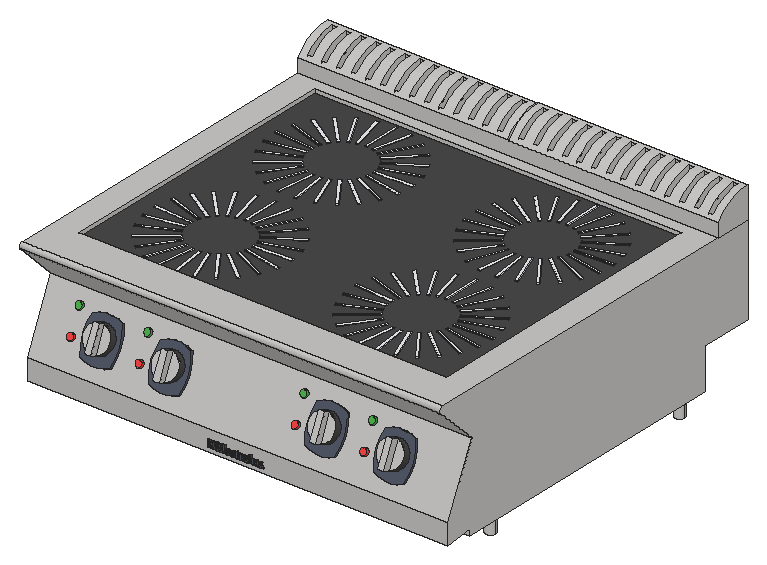
Revit family "QF_ELECTROLUXPROFESSIONAL_371025_E7IREH4000", category Specialty Equipment, Revit 2018
Family settings
  Round Connector Dimension = Use Diameter
  Part Type = Normal
  Work Plane-Based = No
  Always vertical = Yes
  Cut with Voids When Loaded = No
  Shared = No
  Room Calculation Point = No
Parameters
  Width = 800 mm  # constant formula
  Weight in Pounds = 77  # constant formula
  Watts = 8800 VA  # 8800 W
  Volts = 400 V  # constant formula
  URL Cutsheet = "www.electrolux.com/foodservice"
  URL = "www.electrolux.com/foodservice"
  Type Mark [instance] = ""
  Status [instance] = ""
  Specification by User [instance] = ""
  Specification by Manufacturer = ""
  Show Logo [instance] = yes
  Show Clearance [instance] = yes
  Serial Number = ""
  Seismic Rating = ""
  SMACNA No = ""
  Revision Code [instance] = ""
  Phase = 3  # constant formula
  Omniclass Number and Title = ""
  Number of Poles [instance] = 1
  NAFEM Spec ID Number = ""
  Model = "371025"
  Min Ckt Ampacity = 0 A
  Max Overcurrent Protection = 0 A
  Masterspec = ""
  Manufacturer = "ELECTROLUX"
  Item Number [instance] = ""
  Installed By [instance] = ""
  Identify Quantity as Lot [instance] = yes
  Height = 332 mm  # constant formula
  HP = "11.8 HP"
  Furnished By [instance] = ""
  Foodservice Equipment Identifier [instance] = yes
  FL Amps = if(Phase = 3, Watts / (Volts * 1.73), Watts / Volts)  # 12.7168 A
  Electrical Remarks [instance] = "400 V/3N ph/50/60 Hz"  # constant formula
  Electric Connection Type [instance] = ""
  Elec Conn RI Height [instance] = 0 mm
  Elec Conn Connection Height [instance] = 0 mm
  Direct Waste Size = 0"
  Description = "700XP 4 Zone Electric Infrared Cooking Top Range - 400V"
  Depth = 730 mm  # constant formula
  Cycle = if([60 Hertz Option], 60 Hz, 50 Hz)  # 60 Hz
  Conn Plug = ""
  Conn Conduit = yes
  CSI MasterFormat = ""
  CSI Master Format = ""
  Base Height [instance] = 24 mm  # constant formula
  Apparent Power = if(Phase = 3, Volts * FL Amps * 1.73, Volts * FL Amps)  # 8800 VA
  60 Hertz Option = not([50 Hertz Option])  # yes
  50 Hertz Option = no
Reference planes
  plane 1 "BACK": y = 0
  plane 2: z = 0
  plane 3 "LEFT": x = 0
  plane 4 "RIGHT": x = 800
  plane 5 "FRONT": y = -730
  plane 6 "TOP": z = 332
  plane 7 "Center Y": x = 400
  plane 8 "Center X": y = -365
  plane 9 "BASE": z = 24
  plane 10 "TOP A": z = 273.238
  plane 11: y = -597.884
  plane 12: y = -147.637
Forms (mm)
  Extrusion 1, solid, material "QF_Finishes_Stainless Steel"
    sketch origin (0, 0, 0) x (0, 1, 0) y (0, 0, 1)
      loop
        line (0, 273.237) -> (-725.027, 273.237)
        arc (-725.027, 273.237) -> (-730.893, 269.318) -> (-729.517, 262.397) r 6.35
        line (-729.517, 262.397) -> (-657.416, 190.047) -> (-713.522, 69.19) -> (-713.522, 31.09) -> (-660.4, 36.7) -> (-660.4, 24) -> (-101.6, 24) -> (-101.6, 101.788) -> (0, 101.788) -> (0, 273.237)
    from 0 to 800
  Extrusion 2, void
    sketch origin (0, 0, 273.238) x (-1, 0, 0) y (0, -1, 0)
      loop
        line (-50, 93.262) -> (-50, 653.262) -> (-750, 653.262) -> (-750, 93.262) -> (-50, 93.262)
    from 0 to -6.35
  Extrusion 3, solid, material "QF_Finishes_Stainless Steel"
    sketch origin (0, 0, 0) x (1, 0, 0) y (0, 1, 0)
      loop
        circle (11.112, -147.638) r 9.525
      loop
        circle (11.112, -597.884) r 9.525
      loop
        circle (788.887, -147.638) r 9.525
      loop
        circle (788.887, -597.884) r 9.525
    from 0 to 24
  Extrusion 4, solid, material "QF_Finishes_Navy Blue"
    sketch origin (-40.325, -713.522, 69.19) x (0, 0.421077, 0.907025) y (-1, 0, 0)
      loop
        arc (101.077, -132.565) -> (66.2, -125.548) -> (31.333, -132.61) r 89.894
        arc (31.333, -132.61) -> (24.638, -161.14) -> (31.333, -189.671) r 64.14
        arc (31.333, -189.671) -> (66.2, -196.736) -> (101.077, -189.715) r 89.853
        arc (101.077, -189.715) -> (107.792, -161.14) -> (101.077, -132.565) r 64.16
    from 0 to 3.175
  Extrusion 5, solid, material "QF_Finishes_Stainless Steel"
    sketch origin (-40.325, -716.402, 70.527) x (0, 0.421077, 0.907025) y (-1, 0, 0)
      loop
        circle (68.826, -160.963) r 25.4
    from 0 to 12.7
  Extrusion 6, solid, material "QF_Finishes_Stainless Steel"
    sketch origin (-40.325, -727.921, 75.875) x (0, 0.421077, 0.907025) y (-1, 0, 0)
      loop
        arc (93.558, -166.749) -> (94.226, -160.963) -> (93.558, -155.177) r 25.4
        line (93.558, -155.177) -> (44.094, -155.177)
        arc (44.094, -155.177) -> (43.426, -160.963) -> (44.094, -166.749) r 25.4
        line (44.094, -166.749) -> (93.558, -166.749)
    from 0 to 12.7
  Extrusion 7, solid, material "QF_Finishes_Green"
    sketch origin (-95, -709.311, 78.261) x (0, 0.421077, 0.907025) y (-1, 0, 0)
      loop
        circle (93.566, -160.648) r 6.35
    from 0 to 3.175
  Extrusion 8, solid, material "QF_Finishes_Red"
    sketch origin (-95, -719.312, 56.719) x (0, 0.421077, 0.907025) y (-1, 0, 0)
      loop
        circle (68.272, -160.648) r 6.4
    from 0 to 3.175
  Extrusion 9, solid, material "QF_Finishes_Stainless Steel"
    sketch origin (0, -101.6, 101.788) x (0, 0, -1) y (-1, 0, 0)
      loop
        circle (43.882, -736.5) r 12.7
    from 0 to 12.7
  Extrusion 10, solid, material "QF_Finishes_Clearance", visible <- "Show Clearance", detail levels coarse
    sketch origin (0, 0, 0) x (1, 0, 0) y (0, 1, 0)
      loop
        line (0, -731.377) -> (0, 0) -> (800, 0) -> (800, -731.377) -> (950.019, -731.377) -> (950.019, 150.019) -> (-150.019, 150.019) -> (-150.019, -731.377) -> (0, -731.377)
    from 0 to 332
  Extrusion 11, solid, material "QF_Finishes_Stainless Steel"
    sketch origin (0, 0, -1.4) x (0, 1, 0) y (0, 0, 1)
      loop
        line (0, 274.638) -> (0, 333.375)
        arc (0, 333.375) -> (-38.879, 324.991) -> (-69.85, 300.038) r 86.156
        line (-69.85, 300.038) -> (-69.85, 274.638) -> (0, 274.638)
    from 0 to 800.1
  Extrusion 12, void
    sketch origin (0, 0, 273.238) x (-1, 0, 0) y (0, -1, 0)
      loop
        line (-13.453, 6.761) -> (-13.453, 63.911) -> (-22.749, 63.911) -> (-22.749, 6.761) -> (-13.453, 6.761)
    from 25.4 to 63.5
  Extrusion 13, void
    sketch origin (361.95, 0, 273.238) x (-1, 0, 0) y (0, -1, 0)
      loop
        line (-13.453, 6.761) -> (-13.453, 63.911) -> (-22.749, 63.911) -> (-22.749, 6.761) -> (-13.453, 6.761)
    from 25.4 to 63.5
  Extrusion 14, void
    sketch origin (27.842, 0, 273.238) x (-1, 0, 0) y (0, -1, 0)
      loop
        line (-13.453, 6.761) -> (-13.453, 63.911) -> (-22.749, 63.911) -> (-22.749, 6.761) -> (-13.453, 6.761)
    from 25.4 to 63.5
  Extrusion 15, void
    sketch origin (55.685, 0, 273.238) x (-1, 0, 0) y (0, -1, 0)
      loop
        line (-13.453, 6.761) -> (-13.453, 63.911) -> (-22.749, 63.911) -> (-22.749, 6.761) -> (-13.453, 6.761)
    from 25.4 to 63.5
  Extrusion 16, void
    sketch origin (83.527, 0, 273.238) x (-1, 0, 0) y (0, -1, 0)
      loop
        line (-13.453, 6.761) -> (-13.453, 63.911) -> (-22.749, 63.911) -> (-22.749, 6.761) -> (-13.453, 6.761)
    from 25.4 to 63.5
  Extrusion 17, void
    sketch origin (111.369, 0, 273.238) x (-1, 0, 0) y (0, -1, 0)
      loop
        line (-13.453, 6.761) -> (-13.453, 63.911) -> (-22.749, 63.911) -> (-22.749, 6.761) -> (-13.453, 6.761)
    from 25.4 to 63.5
  Extrusion 18, void
    sketch origin (139.212, 0, 273.238) x (-1, 0, 0) y (0, -1, 0)
      loop
        line (-13.453, 6.761) -> (-13.453, 63.911) -> (-22.749, 63.911) -> (-22.749, 6.761) -> (-13.453, 6.761)
    from 25.4 to 63.5
  Extrusion 19, void
    sketch origin (167.054, 0, 273.238) x (-1, 0, 0) y (0, -1, 0)
      loop
        line (-13.453, 6.761) -> (-13.453, 63.911) -> (-22.749, 63.911) -> (-22.749, 6.761) -> (-13.453, 6.761)
    from 25.4 to 63.5
  Extrusion 20, void
    sketch origin (194.896, 0, 273.238) x (-1, 0, 0) y (0, -1, 0)
      loop
        line (-13.453, 6.761) -> (-13.453, 63.911) -> (-22.749, 63.911) -> (-22.749, 6.761) -> (-13.453, 6.761)
    from 25.4 to 63.5
  Extrusion 21, void
    sketch origin (222.738, 0, 273.238) x (-1, 0, 0) y (0, -1, 0)
      loop
        line (-13.453, 6.761) -> (-13.453, 63.911) -> (-22.749, 63.911) -> (-22.749, 6.761) -> (-13.453, 6.761)
    from 25.4 to 63.5
  Extrusion 22, void
    sketch origin (250.581, 0, 273.238) x (-1, 0, 0) y (0, -1, 0)
      loop
        line (-13.453, 6.761) -> (-13.453, 63.911) -> (-22.749, 63.911) -> (-22.749, 6.761) -> (-13.453, 6.761)
    from 25.4 to 63.5
  Extrusion 23, void
    sketch origin (278.423, 0, 273.238) x (-1, 0, 0) y (0, -1, 0)
      loop
        line (-13.453, 6.761) -> (-13.453, 63.911) -> (-22.749, 63.911) -> (-22.749, 6.761) -> (-13.453, 6.761)
    from 25.4 to 63.5
  Extrusion 24, void
    sketch origin (306.265, 0, 273.238) x (-1, 0, 0) y (0, -1, 0)
      loop
        line (-13.453, 6.761) -> (-13.453, 63.911) -> (-22.749, 63.911) -> (-22.749, 6.761) -> (-13.453, 6.761)
    from 25.4 to 63.5
  Extrusion 25, void
    sketch origin (334.108, 0, 273.238) x (-1, 0, 0) y (0, -1, 0)
      loop
        line (-13.453, 6.761) -> (-13.453, 63.911) -> (-22.749, 63.911) -> (-22.749, 6.761) -> (-13.453, 6.761)
    from 25.4 to 63.5
  Extrusion 26, void
    sketch origin (800.1, 0, 273.238) x (1, 0, 0) y (0, 1, 0)
      loop
        line (-13.453, -6.761) -> (-22.749, -6.761) -> (-22.749, -63.911) -> (-13.453, -63.911) -> (-13.453, -6.761)
    from 25.4 to 63.5
  Extrusion 27, void
    sketch origin (438.15, 0, 273.238) x (1, 0, 0) y (0, 1, 0)
      loop
        line (-13.453, -6.761) -> (-22.749, -6.761) -> (-22.749, -63.911) -> (-13.453, -63.911) -> (-13.453, -6.761)
    from 25.4 to 63.5
  Extrusion 28, void
    sketch origin (772.258, 0, 273.238) x (1, 0, 0) y (0, 1, 0)
      loop
        line (-13.453, -6.761) -> (-22.749, -6.761) -> (-22.749, -63.911) -> (-13.453, -63.911) -> (-13.453, -6.761)
    from 25.4 to 63.5
  Extrusion 29, void
    sketch origin (744.415, 0, 273.238) x (1, 0, 0) y (0, 1, 0)
      loop
        line (-13.453, -6.761) -> (-22.749, -6.761) -> (-22.749, -63.911) -> (-13.453, -63.911) -> (-13.453, -6.761)
    from 25.4 to 63.5
  Extrusion 30, void
    sketch origin (716.573, 0, 273.238) x (1, 0, 0) y (0, 1, 0)
      loop
        line (-13.453, -6.761) -> (-22.749, -6.761) -> (-22.749, -63.911) -> (-13.453, -63.911) -> (-13.453, -6.761)
    from 25.4 to 63.5
  Extrusion 31, void
    sketch origin (688.731, 0, 273.238) x (1, 0, 0) y (0, 1, 0)
      loop
        line (-13.453, -6.761) -> (-22.749, -6.761) -> (-22.749, -63.911) -> (-13.453, -63.911) -> (-13.453, -6.761)
    from 25.4 to 63.5
  Extrusion 32, void
    sketch origin (660.888, 0, 273.238) x (1, 0, 0) y (0, 1, 0)
      loop
        line (-13.453, -6.761) -> (-22.749, -6.761) -> (-22.749, -63.911) -> (-13.453, -63.911) -> (-13.453, -6.761)
    from 25.4 to 63.5
  Extrusion 33, void
    sketch origin (633.046, 0, 273.238) x (1, 0, 0) y (0, 1, 0)
      loop
        line (-13.453, -6.761) -> (-22.749, -6.761) -> (-22.749, -63.911) -> (-13.453, -63.911) -> (-13.453, -6.761)
    from 25.4 to 63.5
  Extrusion 34, void
    sketch origin (605.204, 0, 273.238) x (1, 0, 0) y (0, 1, 0)
      loop
        line (-13.453, -6.761) -> (-22.749, -6.761) -> (-22.749, -63.911) -> (-13.453, -63.911) -> (-13.453, -6.761)
    from 25.4 to 63.5
  Extrusion 35, void
    sketch origin (577.362, 0, 273.238) x (1, 0, 0) y (0, 1, 0)
      loop
        line (-13.453, -6.761) -> (-22.749, -6.761) -> (-22.749, -63.911) -> (-13.453, -63.911) -> (-13.453, -6.761)
    from 25.4 to 63.5
  Extrusion 36, void
    sketch origin (549.519, 0, 273.238) x (1, 0, 0) y (0, 1, 0)
      loop
        line (-13.453, -6.761) -> (-22.749, -6.761) -> (-22.749, -63.911) -> (-13.453, -63.911) -> (-13.453, -6.761)
    from 25.4 to 63.5
  Extrusion 37, void
    sketch origin (521.677, 0, 273.238) x (1, 0, 0) y (0, 1, 0)
      loop
        line (-13.453, -6.761) -> (-22.749, -6.761) -> (-22.749, -63.911) -> (-13.453, -63.911) -> (-13.453, -6.761)
    from 25.4 to 63.5
  Extrusion 38, void
    sketch origin (493.835, 0, 273.238) x (1, 0, 0) y (0, 1, 0)
      loop
        line (-13.453, -6.761) -> (-22.749, -6.761) -> (-22.749, -63.911) -> (-13.453, -63.911) -> (-13.453, -6.761)
    from 25.4 to 63.5
  Extrusion 39, void
    sketch origin (465.992, 0, 273.238) x (1, 0, 0) y (0, 1, 0)
      loop
        line (-13.453, -6.761) -> (-22.749, -6.761) -> (-22.749, -63.911) -> (-13.453, -63.911) -> (-13.453, -6.761)
    from 25.4 to 63.5
  Extrusion 40, void
    sketch origin (418.151, 0, 273.238) x (1, 0, 0) y (0, 1, 0)
      loop
        line (-16.513, 0) -> (-19.688, 0) -> (-19.688, -69.85) -> (-16.513, -69.85) -> (-16.513, 0)
    from 25.4 to 63.5
  Extrusion 41, solid, material "QF_Finishes_Navy Blue", visible <- "Show Logo"
    sketch origin (57.747, -713.772, 32.49) x (0, 0, 1) y (-1, 0, 0)
      loop
        line (20.674, -296.698) -> (8.307, -296.698)
        arc (8.307, -296.698) -> (14.491, -301.27) -> (20.674, -296.698) r 6.467
      loop
        arc (20.674, -296.069) -> (19.505, -290.926) -> (14.849, -288.448) r 6.338
        line (14.849, -288.448) -> (14.849, -290.494)
        arc (14.849, -290.494) -> (16.333, -294.149) -> (19.778, -296.069) r 5.941
        line (19.778, -296.069) -> (20.674, -296.069)
      loop
        arc (9.203, -296.069) -> (12.648, -294.149) -> (14.132, -290.494) r 5.941
        line (14.132, -290.494) -> (14.132, -288.448)
        arc (14.132, -288.448) -> (9.438, -290.922) -> (8.148, -296.069) r 6.504
        line (8.148, -296.069) -> (9.203, -296.069)
      loop
        line (21.349, -287.979) -> (7.604, -287.979) -> (7.604, -301.742) -> (21.349, -301.742) -> (21.349, -287.979)
      loop
        arc (21.432, -304.71) -> (21.085, -304.352) -> (20.718, -304.69) r 0.358
        arc (20.718, -304.69) -> (20.404, -305.44) -> (19.687, -305.825) r 1.216
        line (19.687, -305.825) -> (9.274, -305.825)
        arc (9.274, -305.825) -> (8.614, -305.548) -> (8.218, -304.951) r 1.238
        arc (8.218, -304.951) -> (7.823, -304.7) -> (7.518, -305.054) r 0.358
        line (7.518, -305.054) -> (7.518, -314.933) -> (10.269, -314.933) -> (10.269, -314.036)
        arc (10.269, -314.036) -> (9.36, -313.456) -> (8.904, -312.479) r 1.928
        line (8.904, -312.479) -> (8.904, -309.98)
        arc (8.904, -309.98) -> (9.18, -309.251) -> (9.868, -308.887) r 1.101
        line (9.868, -308.887) -> (13.955, -308.887) -> (13.955, -312.561)
        arc (13.955, -312.561) -> (13.602, -313.058) -> (13.037, -313.286) r 1.083
        arc (13.037, -313.286) -> (12.773, -313.591) -> (13.065, -313.869) r 0.292
        line (13.065, -313.869) -> (16.028, -313.869)
        arc (16.028, -313.869) -> (16.33, -313.596) -> (16.092, -313.266) r 0.305
        arc (16.092, -313.266) -> (15.601, -313.018) -> (15.296, -312.561) r 1.083
        line (15.296, -312.561) -> (15.296, -308.887) -> (19.973, -308.887) -> (19.973, -312.635)
        arc (19.973, -312.635) -> (19.759, -313.39) -> (19.153, -313.888) r 1.314
        arc (19.153, -313.888) -> (18.934, -314.292) -> (19.288, -314.585) r 0.361
        line (19.288, -314.585) -> (21.432, -314.585) -> (21.432, -304.71)
      loop
        arc (20.715, -315.365) -> (20.335, -316.284) -> (19.416, -316.664) r 1.299
        line (19.416, -316.664) -> (9.837, -316.664)
        arc (9.837, -316.664) -> (8.999, -316.286) -> (8.728, -315.408) r 1.118
        line (8.728, -315.408) -> (7.518, -315.408) -> (7.518, -320.758) -> (8.706, -320.758)
        arc (8.706, -320.758) -> (8.978, -319.841) -> (9.848, -319.445) r 1.153
        line (9.848, -319.445) -> (21.92, -319.445) -> (20.715, -315.365)
      loop
        line (12.483, -323.394) -> (12.483, -329.842) -> (13.282, -329.842)
        arc (13.282, -329.842) -> (15.862, -328.857) -> (17.131, -326.404) r 3.874
        line (17.131, -326.404) -> (17.131, -324.643)
        arc (17.131, -324.643) -> (15.944, -321.778) -> (13.08, -320.592) r 4.051
        line (13.08, -320.592) -> (11.072, -320.592)
        arc (11.072, -320.592) -> (8.253, -322.077) -> (7.202, -325.084) r 4.352
        arc (7.202, -325.084) -> (7.566, -327.547) -> (8.943, -329.621) r 5.713
        line (8.943, -329.621) -> (9.892, -329.621)
        arc (9.892, -329.621) -> (9.16, -328.052) -> (8.943, -326.334) r 5.579
        arc (8.943, -326.334) -> (9.737, -324.371) -> (11.616, -323.394) r 3.057
        line (11.616, -323.394) -> (12.483, -323.394)
      loop
        line (13.742, -323.394) -> (13.742, -326.977)
        arc (13.742, -326.977) -> (15.199, -327.024) -> (16.082, -325.864) r 1.59
        line (16.082, -325.864) -> (16.082, -325.034)
        arc (16.082, -325.034) -> (15.217, -323.779) -> (13.742, -323.394) r 2.184
      loop
        arc (16.533, -339.259) -> (17.022, -337.585) -> (17.179, -335.848) r 9.023
        line (17.179, -335.848) -> (17.179, -334.486)
        arc (17.179, -334.486) -> (16.02, -331.686) -> (13.22, -330.527) r 3.959
        line (13.22, -330.527) -> (10.62, -330.527)
        arc (10.62, -330.527) -> (8.338, -331.819) -> (7.221, -334.192) r 4.331
        line (7.221, -334.192) -> (7.221, -336.327)
        arc (7.221, -336.327) -> (7.729, -337.877) -> (8.651, -339.223) r 5.772
        arc (8.651, -339.223) -> (9.412, -339.274) -> (9.499, -338.515) r 0.553
        arc (9.499, -338.515) -> (9.111, -337.781) -> (8.977, -336.962) r 2.573
        line (8.977, -336.962) -> (8.977, -335.447)
        arc (8.977, -335.447) -> (9.983, -333.806) -> (11.798, -333.163) r 2.884
        line (11.798, -333.163) -> (13.077, -333.163)
        arc (13.077, -333.163) -> (14.898, -333.723) -> (15.824, -335.388) r 2.554
        line (15.824, -335.388) -> (15.824, -336.441)
        arc (15.824, -336.441) -> (15.493, -337.369) -> (14.836, -338.104) r 2.564
        arc (14.836, -338.104) -> (14.614, -338.821) -> (15.223, -339.259) r 0.643
        line (15.223, -339.259) -> (16.533, -339.259)
      loop
        line (15.515, -339.53) -> (15.515, -341.031) -> (9.467, -341.031)
        arc (9.467, -341.031) -> (7.879, -341.688) -> (7.221, -343.276) r 2.246
        line (7.221, -343.276) -> (7.221, -344.86)
        arc (7.221, -344.86) -> (7.535, -345.725) -> (8.035, -346.496) r 4.06
        arc (8.035, -346.496) -> (8.768, -346.629) -> (9.019, -345.928) r 0.576
        arc (9.019, -345.928) -> (8.913, -345.403) -> (8.977, -344.87) r 1.69
        arc (8.977, -344.87) -> (9.519, -344.082) -> (10.425, -343.779) r 1.506
        line (10.425, -343.779) -> (15.563, -343.779) -> (15.563, -346.176) -> (16.119, -346.733) -> (16.941, -346.733) -> (16.941, -343.873) -> (20.172, -343.873) -> (15.515, -339.53)
      loop
        line (7.438, -347.63) -> (7.438, -353.017) -> (8.548, -353.017)
        arc (8.548, -353.017) -> (8.942, -352.066) -> (9.893, -351.672) r 1.345
        line (9.893, -351.672) -> (13.509, -351.672)
        arc (13.509, -351.672) -> (14.274, -352.264) -> (14.564, -353.186) r 1.615
        line (14.564, -353.186) -> (14.564, -354.742) -> (17.119, -355.427) -> (17.119, -354.044) -> (15.177, -351.485) -> (17.057, -351.485) -> (16.773, -348.779)
        arc (16.773, -348.779) -> (16.333, -348.249) -> (15.674, -348.45) r 0.621
        arc (15.674, -348.45) -> (15.274, -348.792) -> (14.78, -348.975) r 1.501
        line (14.78, -348.975) -> (9.893, -348.975)
        arc (9.893, -348.975) -> (8.942, -348.581) -> (8.548, -347.63) r 1.345
        line (8.548, -347.63) -> (7.438, -347.63)
      loop
        line (13.54, -354.964) -> (10.848, -354.964)
        arc (10.848, -354.964) -> (8.403, -356.272) -> (7.269, -358.803) r 4.288
        arc (7.269, -358.803) -> (7.205, -360.183) -> (7.269, -361.563) r 15.022
        arc (7.269, -361.563) -> (8.403, -364.094) -> (10.848, -365.401) r 4.288
        line (10.848, -365.401) -> (13.54, -365.401)
        arc (13.54, -365.401) -> (15.986, -364.094) -> (17.119, -361.563) r 4.288
        arc (17.119, -361.563) -> (17.183, -360.183) -> (17.119, -358.803) r 15.022
        arc (17.119, -358.803) -> (15.986, -356.272) -> (13.54, -354.964) r 4.288
      loop
        line (13.745, -358.078) -> (10.643, -358.078)
        arc (10.643, -358.078) -> (8.486, -360.235) -> (10.643, -362.392) r 2.157
        line (10.643, -362.392) -> (13.745, -362.392)
        arc (13.745, -362.392) -> (15.902, -360.235) -> (13.745, -358.078) r 2.157
      loop
        arc (20.726, -365.26) -> (20.355, -366.154) -> (19.461, -366.524) r 1.264
        line (19.461, -366.524) -> (9.597, -366.524)
        arc (9.597, -366.524) -> (8.727, -366.127) -> (8.455, -365.211) r 1.153
        line (8.455, -365.211) -> (7.518, -365.211) -> (7.518, -370.319) -> (8.446, -370.319)
        arc (8.446, -370.319) -> (8.805, -369.547) -> (9.597, -369.232) r 1.153
        line (9.597, -369.232) -> (21.92, -369.232) -> (20.726, -365.26)
      loop
        arc (15.846, -369.857) -> (15.647, -370.921) -> (14.678, -371.403) r 1.215
        line (14.678, -371.403) -> (9.658, -371.403)
        arc (9.658, -371.403) -> (8.043, -372.051) -> (7.322, -373.634) r 2.338
        line (7.322, -373.634) -> (7.322, -375.148)
        arc (7.322, -375.148) -> (7.497, -376.152) -> (7.999, -377.038) r 2.979
        line (7.999, -377.038) -> (7.518, -378.835) -> (7.518, -380.524) -> (16.943, -380.524) -> (16.649, -376.32) -> (15.863, -376.32)
        arc (15.863, -376.32) -> (15.507, -377.156) -> (14.755, -377.665) r 1.605
        line (14.755, -377.665) -> (9.652, -377.665)
        arc (9.652, -377.665) -> (9.232, -376.728) -> (9.159, -375.704) r 2.94
        arc (9.159, -375.704) -> (9.72, -374.603) -> (10.873, -374.16) r 1.724
        line (10.873, -374.16) -> (17.07, -374.16) -> (15.846, -369.857)
      loop
        line (16.874, -381.377) -> (15.202, -383.423) -> (12.028, -385.729) -> (8.572, -382.617)
        arc (8.572, -382.617) -> (8.335, -382.223) -> (8.357, -381.764) r 0.789
        line (8.357, -381.764) -> (7.518, -381.764) -> (7.518, -385.309) -> (8.344, -385.309)
        arc (8.344, -385.309) -> (8.686, -384.947) -> (9.176, -385.039) r 0.52
        line (9.176, -385.039) -> (10.976, -386.51) -> (8.858, -387.886)
        arc (8.858, -387.886) -> (8.457, -387.576) -> (8.37, -387.076) r 0.7
        line (8.37, -387.076) -> (7.518, -387.076) -> (7.518, -393.003) -> (8.405, -393.003)
        arc (8.405, -393.003) -> (8.472, -392.344) -> (8.866, -391.813) r 1.247
        line (8.866, -391.813) -> (13.066, -388.532) -> (15.513, -390.585) -> (16.874, -392.327) -> (16.874, -388.604) -> (15.389, -389.026) -> (13.868, -387.749) -> (15.568, -386.559) -> (16.874, -387.336) -> (16.874, -381.377)
    from 0 to 1.644
  Extrusion 42, solid, material "QF_Finishes_Navy Blue"
    sketch origin (90.31, -713.522, 69.19) x (0, 0.421077, 0.907025) y (-1, 0, 0)
      loop
        arc (101.077, -132.565) -> (66.2, -125.548) -> (31.333, -132.61) r 89.894
        arc (31.333, -132.61) -> (24.638, -161.14) -> (31.333, -189.671) r 64.14
        arc (31.333, -189.671) -> (66.2, -196.736) -> (101.077, -189.715) r 89.853
        arc (101.077, -189.715) -> (107.792, -161.14) -> (101.077, -132.565) r 64.16
    from 0 to 3.175
  Extrusion 43, solid, material "QF_Finishes_Stainless Steel"
    sketch origin (90.31, -716.402, 70.527) x (0, 0.421077, 0.907025) y (-1, 0, 0)
      loop
        circle (68.826, -160.963) r 25.4
    from 0 to 12.7
  Extrusion 44, solid, material "QF_Finishes_Stainless Steel"
    sketch origin (90.31, -727.921, 75.875) x (0, 0.421077, 0.907025) y (-1, 0, 0)
      loop
        arc (93.558, -166.749) -> (94.226, -160.963) -> (93.558, -155.177) r 25.4
        line (93.558, -155.177) -> (44.094, -155.177)
        arc (44.094, -155.177) -> (43.426, -160.963) -> (44.094, -166.749) r 25.4
        line (44.094, -166.749) -> (93.558, -166.749)
    from 0 to 12.7
  Extrusion 45, solid, material "QF_Finishes_Green"
    sketch origin (35.635, -709.311, 78.261) x (0, 0.421077, 0.907025) y (-1, 0, 0)
      loop
        circle (93.566, -160.648) r 6.35
    from 0 to 3.175
  Extrusion 46, solid, material "QF_Finishes_Red"
    sketch origin (35.635, -719.312, 56.719) x (0, 0.421077, 0.907025) y (-1, 0, 0)
      loop
        circle (68.272, -160.648) r 6.4
    from 0 to 3.175
  Extrusion 47, solid, material "QF_Finishes_Navy Blue"
    sketch origin (840.325, -713.522, 69.19) x (0, 0.421077, 0.907025) y (-1, 0, 0)
      loop
        arc (101.077, 132.565) -> (107.792, 161.14) -> (101.077, 189.715) r 64.16
        arc (101.077, 189.715) -> (66.2, 196.736) -> (31.333, 189.671) r 89.853
        arc (31.333, 189.671) -> (24.638, 161.14) -> (31.333, 132.61) r 64.14
        arc (31.333, 132.61) -> (66.2, 125.548) -> (101.077, 132.565) r 89.894
    from 0 to 3.175
  Extrusion 48, solid, material "QF_Finishes_Stainless Steel"
    sketch origin (840.325, -716.402, 70.527) x (0, 0.421077, 0.907025) y (-1, 0, 0)
      loop
        circle (68.826, 160.963) r 25.4
    from 0 to 12.7
  Extrusion 49, solid, material "QF_Finishes_Stainless Steel"
    sketch origin (840.325, -727.921, 75.875) x (0, 0.421077, 0.907025) y (-1, 0, 0)
      loop
        line (93.558, 166.749) -> (44.094, 166.749)
        arc (44.094, 166.749) -> (43.426, 160.963) -> (44.094, 155.177) r 25.4
        line (44.094, 155.177) -> (93.558, 155.177)
        arc (93.558, 155.177) -> (94.226, 160.963) -> (93.558, 166.749) r 25.4
    from 0 to 12.7
  Extrusion 50, solid, material "QF_Finishes_Navy Blue"
    sketch origin (709.69, -713.522, 69.19) x (0, 0.421077, 0.907025) y (-1, 0, 0)
      loop
        arc (101.077, 132.565) -> (107.792, 161.14) -> (101.077, 189.715) r 64.16
        arc (101.077, 189.715) -> (66.2, 196.736) -> (31.333, 189.671) r 89.853
        arc (31.333, 189.671) -> (24.638, 161.14) -> (31.333, 132.61) r 64.14
        arc (31.333, 132.61) -> (66.2, 125.548) -> (101.077, 132.565) r 89.894
    from 0 to 3.175
  Extrusion 51, solid, material "QF_Finishes_Stainless Steel"
    sketch origin (709.69, -716.402, 70.527) x (0, 0.421077, 0.907025) y (-1, 0, 0)
      loop
        circle (68.826, 160.963) r 25.4
    from 0 to 12.7
  Extrusion 52, solid, material "QF_Finishes_Stainless Steel"
    sketch origin (709.69, -727.921, 75.875) x (0, 0.421077, 0.907025) y (-1, 0, 0)
      loop
        line (93.558, 166.749) -> (44.094, 166.749)
        arc (44.094, 166.749) -> (43.426, 160.963) -> (44.094, 155.177) r 25.4
        line (44.094, 155.177) -> (93.558, 155.177)
        arc (93.558, 155.177) -> (94.226, 160.963) -> (93.558, 166.749) r 25.4
    from 0 to 12.7
  Extrusion 53, solid, material "QF_Finishes_Green"
    sketch origin (332.734, -709.311, 78.261) x (0, 0.421077, 0.907025) y (-1, 0, 0)
      loop
        circle (93.566, -160.648) r 6.35
    from 0 to 3.175
  Extrusion 54, solid, material "QF_Finishes_Red"
    sketch origin (332.734, -719.312, 56.719) x (0, 0.421077, 0.907025) y (-1, 0, 0)
      loop
        circle (68.272, -160.648) r 6.4
    from 0 to 3.175
  Extrusion 55, solid, material "QF_Finishes_Green"
    sketch origin (463.369, -709.311, 78.261) x (0, 0.421077, 0.907025) y (-1, 0, 0)
      loop
        circle (93.566, -160.648) r 6.35
    from 0 to 3.175
  Extrusion 56, solid, material "QF_Finishes_Red"
    sketch origin (463.369, -719.312, 56.719) x (0, 0.421077, 0.907025) y (-1, 0, 0)
      loop
        circle (68.272, -160.648) r 6.4
    from 0 to 3.175
Cuts and joins
  Extrusion 2, Extrusion 12, Extrusion 13, Extrusion 14, Extrusion 15, Extrusion 16, Extrusion 17, Extrusion 18, Extrusion 19, Extrusion 20, Extrusion 21, Extrusion 22, Extrusion 23, Extrusion 24, Extrusion 25, Extrusion 26, Extrusion 27, Extrusion 28, Extrusion 29, Extrusion 30, Extrusion 31, Extrusion 32, Extrusion 33, Extrusion 34, Extrusion 35, Extrusion 36, Extrusion 37, Extrusion 38, Extrusion 39, Extrusion 40 cuts Extrusion 1
  joined: Extrusion 5, Extrusion 6
  Extrusion 12 cuts Extrusion 10
  Extrusion 12, Extrusion 13, Extrusion 14, Extrusion 15, Extrusion 16, Extrusion 17, Extrusion 18, Extrusion 19, Extrusion 20, Extrusion 21, Extrusion 22, Extrusion 23, Extrusion 24, Extrusion 25, Extrusion 26, Extrusion 27, Extrusion 28, Extrusion 29, Extrusion 30, Extrusion 31, Extrusion 32, Extrusion 33, Extrusion 34, Extrusion 35, Extrusion 36, Extrusion 37, Extrusion 38, Extrusion 39, Extrusion 40 cuts Extrusion 11
Lines and regions (mm)
  symbolic lines, style "QF-Clearances", visible <- "Show Clearance", detail levels coarse
    curve 1: line (-150.019, 150.019, 273.238) -> (-150.019, -731.377, 273.238)
    curve 2: line (950.019, 150.019, 273.237) -> (-150.019, 150.019, 273.238)
    curve 3: line (950.019, -731.377, 273.237) -> (950.019, 150.019, 273.237)
  symbolic lines
    curve 4: line (0, 0, 273.238) -> (800, 0, 273.237)
    curve 5: line (0, -730, 273.238) -> (0, 0, 273.238)
    curve 6: line (800, 0, 273.237) -> (800, -730, 273.237)
    curve 7: line (231.725, -69.85, 273.237) -> (0, -69.85, 273.238)
    curve 8: line (0, -69.85, 273.238) -> (0, -120.65, 273.238)
    curve 9: line (0, -69.85, 273.238) -> (398.546, -69.85, 273.237)
    curve 10: line (800, -730, 273.237) -> (0, -730, 273.238)
    curve 11: line (726.512, -356.903, 266.887) -> (738.006, -356.903, 266.887)
    curve 12: line (726.512, -389.159, 266.887) -> (726.512, -356.903, 266.887)
    curve 13: line (738.006, -389.159, 266.887) -> (726.512, -389.159, 266.887)
    curve 14: line (738.006, -356.903, 266.887) -> (738.006, -389.159, 266.887)
    curve 15: line (50, -653.262, 266.888) -> (50, -93.262, 266.888)
    curve 16: line (50, -93.262, 266.888) -> (750, -93.262, 266.887)
    curve 17: line (750, -93.262, 266.887) -> (750, -653.262, 266.887)
    curve 18: line (750, -653.262, 266.887) -> (50, -653.262, 266.888)
    curve 19: line (13.453, -63.911, 266.888) -> (13.453, -6.761, 266.888)
    curve 20: line (13.453, -6.761, 266.888) -> (22.749, -6.761, 266.888)
    curve 21: line (22.749, -6.761, 266.888) -> (22.749, -63.911, 266.888)
    curve 22: line (22.749, -63.911, 266.888) -> (13.453, -63.911, 266.888)
    curve 23: line (375.403, -63.911, 266.887) -> (375.403, -6.761, 266.887)
    curve 24: line (375.403, -6.761, 266.887) -> (384.699, -6.761, 266.887)
    curve 25: line (384.699, -6.761, 266.887) -> (384.699, -63.911, 266.887)
    curve 26: line (384.699, -63.911, 266.887) -> (375.403, -63.911, 266.887)
    curve 27: line (41.295, -63.911, 266.888) -> (41.295, -6.761, 266.888)
    curve 28: line (41.295, -6.761, 266.888) -> (50.591, -6.761, 266.888)
    curve 29: line (50.591, -6.761, 266.888) -> (50.591, -63.911, 266.888)
    curve 30: line (50.591, -63.911, 266.888) -> (41.295, -63.911, 266.888)
    curve 31: line (69.137, -63.911, 266.888) -> (69.137, -6.761, 266.888)
    curve 32: line (69.137, -6.761, 266.888) -> (78.433, -6.761, 266.888)
    curve 33: line (78.433, -6.761, 266.888) -> (78.433, -63.911, 266.888)
    curve 34: line (78.433, -63.911, 266.888) -> (69.137, -63.911, 266.888)
    curve 35: line (96.98, -63.911, 266.888) -> (96.98, -6.761, 266.888)
    curve 36: line (96.98, -6.761, 266.888) -> (106.275, -6.761, 266.888)
    curve 37: line (106.275, -6.761, 266.888) -> (106.275, -63.911, 266.888)
    curve 38: line (106.275, -63.911, 266.888) -> (96.98, -63.911, 266.888)
    curve 39: line (124.822, -63.911, 266.888) -> (124.822, -6.761, 266.888)
    curve 40: line (124.822, -6.761, 266.888) -> (134.118, -6.761, 266.888)
    curve 41: line (134.118, -6.761, 266.888) -> (134.118, -63.911, 266.888)
    curve 42: line (134.118, -63.911, 266.888) -> (124.822, -63.911, 266.888)
    curve 43: line (152.664, -63.911, 266.888) -> (152.664, -6.761, 266.888)
    curve 44: line (152.664, -6.761, 266.888) -> (161.96, -6.761, 266.888)
    curve 45: line (161.96, -6.761, 266.888) -> (161.96, -63.911, 266.888)
    curve 46: line (161.96, -63.911, 266.888) -> (152.664, -63.911, 266.888)
    curve 47: line (180.507, -63.911, 266.888) -> (180.507, -6.761, 266.888)
    curve 48: line (180.507, -6.761, 266.888) -> (189.802, -6.761, 266.888)
    curve 49: line (189.802, -6.761, 266.888) -> (189.802, -63.911, 266.888)
    curve 50: line (189.802, -63.911, 266.888) -> (180.507, -63.911, 266.888)
    curve 51: line (208.349, -63.911, 266.888) -> (208.349, -6.761, 266.888)
    curve 52: line (208.349, -6.761, 266.888) -> (217.645, -6.761, 266.888)
    curve 53: line (217.645, -6.761, 266.888) -> (217.645, -63.911, 266.888)
    curve 54: line (217.645, -63.911, 266.888) -> (208.349, -63.911, 266.888)
    curve 55: line (236.191, -63.911, 266.888) -> (236.191, -6.761, 266.888)
    curve 56: line (236.191, -6.761, 266.888) -> (245.487, -6.761, 266.888)
    curve 57: line (245.487, -6.761, 266.888) -> (245.487, -63.911, 266.888)
    curve 58: line (245.487, -63.911, 266.888) -> (236.191, -63.911, 266.888)
    curve 59: line (264.034, -63.911, 266.888) -> (264.034, -6.761, 266.888)
    curve 60: line (264.034, -6.761, 266.888) -> (273.329, -6.761, 266.888)
    curve 61: line (273.329, -6.761, 266.888) -> (273.329, -63.911, 266.888)
    curve 62: line (273.329, -63.911, 266.888) -> (264.034, -63.911, 266.888)
    curve 63: line (291.876, -63.911, 266.888) -> (291.876, -6.761, 266.888)
    curve 64: line (291.876, -6.761, 266.888) -> (301.172, -6.761, 266.888)
    curve 65: line (301.172, -6.761, 266.888) -> (301.172, -63.911, 266.888)
    curve 66: line (301.172, -63.911, 266.888) -> (291.876, -63.911, 266.888)
    curve 67: line (319.718, -63.911, 266.888) -> (319.718, -6.761, 266.888)
    curve 68: line (319.718, -6.761, 266.888) -> (329.014, -6.761, 266.888)
    curve 69: line (329.014, -6.761, 266.888) -> (329.014, -63.911, 266.888)
    curve 70: line (329.014, -63.911, 266.888) -> (319.718, -63.911, 266.888)
    curve 71: line (347.561, -63.911, 266.888) -> (347.561, -6.761, 266.888)
    curve 72: line (347.561, -6.761, 266.888) -> (356.856, -6.761, 266.888)
    curve 73: line (356.856, -6.761, 266.888) -> (356.856, -63.911, 266.888)
    curve 74: line (356.856, -63.911, 266.888) -> (347.561, -63.911, 266.888)
    curve 75: line (786.547, -63.911, 266.888) -> (786.547, -6.761, 266.888)
    curve 76: line (786.547, -6.761, 266.888) -> (777.251, -6.761, 266.888)
    curve 77: line (777.251, -6.761, 266.888) -> (777.251, -63.911, 266.888)
    curve 78: line (777.251, -63.911, 266.888) -> (786.547, -63.911, 266.888)
    curve 79: line (424.597, -63.911, 266.887) -> (424.597, -6.761, 266.887)
    curve 80: line (424.597, -6.761, 266.887) -> (415.301, -6.761, 266.887)
    curve 81: line (415.301, -6.761, 266.887) -> (415.301, -63.911, 266.887)
    curve 82: line (415.301, -63.911, 266.887) -> (424.597, -63.911, 266.887)
    curve 83: line (758.705, -63.911, 266.888) -> (758.705, -6.761, 266.888)
    curve 84: line (758.705, -6.761, 266.888) -> (749.409, -6.761, 266.888)
    curve 85: line (749.409, -6.761, 266.888) -> (749.409, -63.911, 266.888)
    curve 86: line (749.409, -63.911, 266.888) -> (758.705, -63.911, 266.888)
    curve 87: line (730.863, -63.911, 266.888) -> (730.863, -6.761, 266.888)
    curve 88: line (730.863, -6.761, 266.888) -> (721.567, -6.761, 266.888)
    curve 89: line (721.567, -6.761, 266.888) -> (721.567, -63.911, 266.888)
    curve 90: line (721.567, -63.911, 266.888) -> (730.863, -63.911, 266.888)
    curve 91: line (703.02, -63.911, 266.888) -> (703.02, -6.761, 266.888)
    curve 92: line (703.02, -6.761, 266.888) -> (693.725, -6.761, 266.888)
    curve 93: line (693.725, -6.761, 266.888) -> (693.725, -63.911, 266.888)
    curve 94: line (693.725, -63.911, 266.888) -> (703.02, -63.911, 266.888)
    curve 95: line (675.178, -63.911, 266.888) -> (675.178, -6.761, 266.888)
    curve 96: line (675.178, -6.761, 266.888) -> (665.882, -6.761, 266.888)
    curve 97: line (665.882, -6.761, 266.888) -> (665.882, -63.911, 266.888)
    curve 98: line (665.882, -63.911, 266.888) -> (675.178, -63.911, 266.888)
    curve 99: line (647.336, -63.911, 266.888) -> (647.336, -6.761, 266.888)
    curve 100: line (647.336, -6.761, 266.888) -> (638.04, -6.761, 266.888)
    curve 101: line (638.04, -6.761, 266.888) -> (638.04, -63.911, 266.888)
    curve 102: line (638.04, -63.911, 266.888) -> (647.336, -63.911, 266.888)
    curve 103: line (619.493, -63.911, 266.888) -> (619.493, -6.761, 266.888)
    curve 104: line (619.493, -6.761, 266.888) -> (610.198, -6.761, 266.888)
    curve 105: line (610.198, -6.761, 266.888) -> (610.198, -63.911, 266.888)
    curve 106: line (610.198, -63.911, 266.888) -> (619.493, -63.911, 266.888)
    curve 107: line (591.651, -63.911, 266.888) -> (591.651, -6.761, 266.888)
    curve 108: line (591.651, -6.761, 266.888) -> (582.355, -6.761, 266.888)
    curve 109: line (582.355, -6.761, 266.888) -> (582.355, -63.911, 266.888)
    curve 110: line (582.355, -63.911, 266.888) -> (591.651, -63.911, 266.888)
    curve 111: line (563.809, -63.911, 266.888) -> (563.809, -6.761, 266.888)
    curve 112: line (563.809, -6.761, 266.888) -> (554.513, -6.761, 266.888)
    curve 113: line (554.513, -6.761, 266.888) -> (554.513, -63.911, 266.888)
    curve 114: line (554.513, -63.911, 266.888) -> (563.809, -63.911, 266.888)
    curve 115: line (535.966, -63.911, 266.888) -> (535.966, -6.761, 266.888)
    curve 116: line (535.966, -6.761, 266.888) -> (526.671, -6.761, 266.888)
    curve 117: line (526.671, -6.761, 266.888) -> (526.671, -63.911, 266.888)
    curve 118: line (526.671, -63.911, 266.888) -> (535.966, -63.911, 266.888)
    curve 119: line (508.124, -63.911, 266.888) -> (508.124, -6.761, 266.888)
    curve 120: line (508.124, -6.761, 266.888) -> (498.828, -6.761, 266.888)
    curve 121: line (498.828, -6.761, 266.888) -> (498.828, -63.911, 266.888)
    curve 122: line (498.828, -63.911, 266.888) -> (508.124, -63.911, 266.888)
    curve 123: line (480.282, -63.911, 266.888) -> (480.282, -6.761, 266.888)
    curve 124: line (480.282, -6.761, 266.888) -> (470.986, -6.761, 266.888)
    curve 125: line (470.986, -6.761, 266.888) -> (470.986, -63.911, 266.888)
    curve 126: line (470.986, -63.911, 266.888) -> (480.282, -63.911, 266.888)
    curve 127: line (452.439, -63.911, 266.888) -> (452.439, -6.761, 266.888)
    curve 128: line (452.439, -6.761, 266.888) -> (443.144, -6.761, 266.888)
    curve 129: line (443.144, -6.761, 266.888) -> (443.144, -63.911, 266.888)
    curve 130: line (443.144, -63.911, 266.888) -> (452.439, -63.911, 266.888)
    curve 131: line (401.638, -69.85, 266.887) -> (401.638, 0, 266.887)
    curve 132: line (398.463, 0, 266.887) -> (398.463, -69.85, 266.887)
    curve 133: line (401.729, -69.85, 273.237) -> (800, -69.85, 273.237)
Dimensions and locks
  equal spacing: plane 3 "LEFT", plane 7 "Center Y", plane 4 "RIGHT"
  "Width": plane 3 "LEFT" to plane 4 "RIGHT"
  equal spacing: plane 5 "FRONT", plane 8 "Center X", plane 1 "BACK"
  "Depth": plane 5 "FRONT" to plane 1 "BACK"
  "Height": plane 6 "TOP" to level
  "Base Height": plane 9 "BASE" to level
  plane 1 "BACK" to plane 5 "FRONT" = 730 mm
  plane 10 "TOP A" to plane 9 "BASE" = 249.237 mm
  aligned and locked: level to plane 2
  aligned and locked: plane 4 "RIGHT" to Extrusion 1
  aligned and locked: Extrusion 3 to plane 9 "BASE"
  aligned and locked: plane 6 "TOP" to Extrusion 10
Automatic sketch dimensions
  Extrusion 11 sketch curve to plane 10 "TOP A" = 0 mm
  Extrusion 11 sketch curve to plane 1 "BACK" = 0 mm
  plane 1 "BACK" to Extrusion 11 sketch curve = 1.769 mm
  plane 10 "TOP A" to Extrusion 11 sketch curve = 25.4 mm
  plane 1 "BACK" to Extrusion 11 sketch curve = 69.85 mm
  Extrusion 11 sketch curve to plane 10 "TOP A" = 27.4 mm
  plane 1 "BACK" to Extrusion 12 sketch curve = 6.761 mm
  plane 3 "LEFT" to Extrusion 12 sketch curve = 22.749 mm
  Extrusion 12 sketch curve to Extrusion 12 sketch curve = 9.296 mm
  Extrusion 12 sketch curve to Extrusion 12 sketch curve = 57.15 mm
  plane 1 "BACK" to Extrusion 13 sketch curve = 6.761 mm
  Extrusion 13 sketch curve to plane 7 "Center Y" = 15.301 mm
  Extrusion 13 sketch curve to Extrusion 13 sketch curve = 9.296 mm
  Extrusion 13 sketch curve to Extrusion 13 sketch curve = 57.15 mm
  plane 1 "BACK" to Extrusion 14 sketch curve = 6.761 mm
  plane 3 "LEFT" to Extrusion 14 sketch curve = 50.591 mm
  Extrusion 14 sketch curve to Extrusion 14 sketch curve = 9.296 mm
  Extrusion 14 sketch curve to Extrusion 14 sketch curve = 57.15 mm
  plane 1 "BACK" to Extrusion 15 sketch curve = 6.761 mm
  plane 3 "LEFT" to Extrusion 15 sketch curve = 78.433 mm
  Extrusion 15 sketch curve to Extrusion 15 sketch curve = 9.296 mm
  Extrusion 15 sketch curve to Extrusion 15 sketch curve = 57.15 mm
  plane 1 "BACK" to Extrusion 16 sketch curve = 6.761 mm
  plane 3 "LEFT" to Extrusion 16 sketch curve = 106.275 mm
  Extrusion 16 sketch curve to Extrusion 16 sketch curve = 9.296 mm
  Extrusion 16 sketch curve to Extrusion 16 sketch curve = 57.15 mm
  plane 1 "BACK" to Extrusion 17 sketch curve = 6.761 mm
  plane 3 "LEFT" to Extrusion 17 sketch curve = 134.118 mm
  Extrusion 17 sketch curve to Extrusion 17 sketch curve = 9.296 mm
  Extrusion 17 sketch curve to Extrusion 17 sketch curve = 57.15 mm
  plane 1 "BACK" to Extrusion 18 sketch curve = 6.761 mm
  plane 3 "LEFT" to Extrusion 18 sketch curve = 161.96 mm
  Extrusion 18 sketch curve to Extrusion 18 sketch curve = 9.296 mm
  Extrusion 18 sketch curve to Extrusion 18 sketch curve = 57.15 mm
  plane 1 "BACK" to Extrusion 19 sketch curve = 6.761 mm
  plane 3 "LEFT" to Extrusion 19 sketch curve = 189.802 mm
  Extrusion 19 sketch curve to Extrusion 19 sketch curve = 9.296 mm
  Extrusion 19 sketch curve to Extrusion 19 sketch curve = 57.15 mm
  plane 1 "BACK" to Extrusion 20 sketch curve = 6.761 mm
  Extrusion 20 sketch curve to plane 7 "Center Y" = 182.355 mm
  Extrusion 20 sketch curve to Extrusion 20 sketch curve = 9.296 mm
  Extrusion 20 sketch curve to Extrusion 20 sketch curve = 57.15 mm
  plane 1 "BACK" to Extrusion 21 sketch curve = 6.761 mm
  Extrusion 21 sketch curve to plane 7 "Center Y" = 154.513 mm
  Extrusion 21 sketch curve to Extrusion 21 sketch curve = 9.296 mm
  Extrusion 21 sketch curve to Extrusion 21 sketch curve = 57.15 mm
  plane 1 "BACK" to Extrusion 22 sketch curve = 6.761 mm
  Extrusion 22 sketch curve to plane 7 "Center Y" = 126.671 mm
  Extrusion 22 sketch curve to Extrusion 22 sketch curve = 9.296 mm
  Extrusion 22 sketch curve to Extrusion 22 sketch curve = 57.15 mm
  plane 1 "BACK" to Extrusion 23 sketch curve = 6.761 mm
  Extrusion 23 sketch curve to plane 7 "Center Y" = 98.828 mm
  Extrusion 23 sketch curve to Extrusion 23 sketch curve = 9.296 mm
  Extrusion 23 sketch curve to Extrusion 23 sketch curve = 57.15 mm
  plane 1 "BACK" to Extrusion 24 sketch curve = 6.761 mm
  Extrusion 24 sketch curve to plane 7 "Center Y" = 70.986 mm
  Extrusion 24 sketch curve to Extrusion 24 sketch curve = 9.296 mm
  Extrusion 24 sketch curve to Extrusion 24 sketch curve = 57.15 mm
  plane 1 "BACK" to Extrusion 25 sketch curve = 6.761 mm
  Extrusion 25 sketch curve to plane 7 "Center Y" = 43.144 mm
  Extrusion 25 sketch curve to Extrusion 25 sketch curve = 9.296 mm
  Extrusion 25 sketch curve to Extrusion 25 sketch curve = 57.15 mm
  Extrusion 27 sketch curve to plane 1 "BACK" = 6.761 mm
  Extrusion 27 sketch curve to plane 7 "Center Y" = 15.401 mm
  Extrusion 27 sketch curve to Extrusion 27 sketch curve = 9.296 mm
  Extrusion 27 sketch curve to Extrusion 27 sketch curve = 57.15 mm
  Extrusion 34 sketch curve to plane 1 "BACK" = 6.761 mm
  Extrusion 34 sketch curve to plane 7 "Center Y" = 182.455 mm
  Extrusion 34 sketch curve to Extrusion 34 sketch curve = 9.296 mm
  Extrusion 34 sketch curve to Extrusion 34 sketch curve = 57.15 mm
  Extrusion 35 sketch curve to plane 1 "BACK" = 6.761 mm
  Extrusion 35 sketch curve to plane 7 "Center Y" = 154.613 mm
  Extrusion 35 sketch curve to Extrusion 35 sketch curve = 9.296 mm
  Extrusion 35 sketch curve to Extrusion 35 sketch curve = 57.15 mm
  Extrusion 36 sketch curve to plane 1 "BACK" = 6.761 mm
  Extrusion 36 sketch curve to plane 7 "Center Y" = 126.771 mm
  Extrusion 36 sketch curve to Extrusion 36 sketch curve = 9.296 mm
  Extrusion 36 sketch curve to Extrusion 36 sketch curve = 57.15 mm
  Extrusion 37 sketch curve to plane 1 "BACK" = 6.761 mm
  Extrusion 37 sketch curve to plane 7 "Center Y" = 98.928 mm
  Extrusion 37 sketch curve to Extrusion 37 sketch curve = 9.296 mm
  Extrusion 37 sketch curve to Extrusion 37 sketch curve = 57.15 mm
  Extrusion 38 sketch curve to plane 1 "BACK" = 6.761 mm
  Extrusion 38 sketch curve to plane 7 "Center Y" = 71.086 mm
  Extrusion 38 sketch curve to Extrusion 38 sketch curve = 9.296 mm
  Extrusion 38 sketch curve to Extrusion 38 sketch curve = 57.15 mm
  Extrusion 39 sketch curve to plane 1 "BACK" = 6.761 mm
  Extrusion 39 sketch curve to plane 7 "Center Y" = 43.244 mm
  Extrusion 39 sketch curve to Extrusion 39 sketch curve = 9.296 mm
  Extrusion 39 sketch curve to Extrusion 39 sketch curve = 57.15 mm
  plane 1 "BACK" to Extrusion 40 sketch curve = 0 mm
  plane 7 "Center Y" to Extrusion 40 sketch curve = 1.537 mm
  Extrusion 40 sketch curve to plane 7 "Center Y" = 1.638 mm
  Extrusion 40 sketch curve to Extrusion 40 sketch curve = 69.85 mm
  Extrusion 1 sketch curve to plane 10 "TOP A" = 0 mm
  Extrusion 1 sketch curve to plane 9 "BASE" = 0 mm
  Extrusion 1 sketch curve to plane 1 "BACK" = 0 mm
  Extrusion 1 sketch curve to plane 12 = 46.038 mm
  plane 11 to Extrusion 1 sketch curve = 59.531 mm
  plane 9 "BASE" to Extrusion 1 sketch curve = 12.7 mm
  plane 11 to Extrusion 1 sketch curve = 62.516 mm
  Extrusion 1 sketch curve to plane 5 "FRONT" = 16.478 mm
  Extrusion 1 sketch curve to plane 5 "FRONT" = 4.973 mm
  Extrusion 1 sketch curve to plane 5 "FRONT" = 0.483 mm
  plane 9 "BASE" to Extrusion 1 sketch curve = 7.09 mm
  Extrusion 1 sketch curve to Extrusion 1 sketch curve = 38.1 mm
  plane 9 "BASE" to Extrusion 1 sketch curve = 77.788 mm
  Extrusion 1 sketch curve to plane 10 "TOP A" = 83.191 mm
  Extrusion 1 sketch curve to plane 10 "TOP A" = 10.84 mm
  Extrusion 2 sketch curve to plane 4 "RIGHT" = 50 mm
  plane 3 "LEFT" to Extrusion 2 sketch curve = 50 mm
  Extrusion 2 sketch curve to plane 12 = 54.376 mm
  plane 11 to Extrusion 2 sketch curve = 55.377 mm
  plane 11 to Extrusion 3 sketch curve = 0 mm  (x2)
  plane 12 to Extrusion 3 sketch curve = 0 mm  (x2)
  plane 3 "LEFT" to Extrusion 3 sketch curve = 11.112 mm  (x2)
  Extrusion 3 sketch curve to plane 4 "RIGHT" = 11.113 mm  (x2)
  Extrusion 4 sketch curve to Extrusion 1 = 31.333 mm  (x2)
  Extrusion 4 sketch curve to Extrusion 4 sketch curve = 12.3 mm  (x3)
  Extrusion 4 sketch curve to Extrusion 4 sketch curve = 34.925 mm  (x2)
  Extrusion 1 to Extrusion 4 sketch curve = 44.467 mm
  Extrusion 1 to Extrusion 4 sketch curve = 175.117 mm
  Extrusion 4 sketch curve to Extrusion 4 sketch curve = 25.727 mm
  Extrusion 4 sketch curve to Extrusion 4 sketch curve = 25.771 mm
  Extrusion 4 sketch curve to Extrusion 4 sketch curve = 28.531 mm
  Extrusion 6 sketch curve to Extrusion 6 sketch curve = 24.732 mm
  Extrusion 6 sketch curve to Extrusion 6 sketch curve = 0 mm
  Extrusion 1 to Extrusion 7 sketch curve = 29.678 mm
  Extrusion 1 to Extrusion 7 sketch curve = 65.648 mm
  Extrusion 8 sketch curve to Extrusion 1 = 54.522 mm
  Extrusion 1 to Extrusion 8 sketch curve = 65.648 mm
  Extrusion 1 to Extrusion 9 sketch curve = 33.906 mm
  Extrusion 1 to Extrusion 9 sketch curve = 63.5 mm
  plane 1 "BACK" to Extrusion 10 sketch curve = 0 mm
  Extrusion 10 sketch curve to plane 3 "LEFT" = 0 mm
  Extrusion 10 sketch curve to plane 4 "RIGHT" = 0 mm
  Extrusion 10 sketch curve to plane 3 "LEFT" = 150.019 mm
  plane 5 "FRONT" to Extrusion 10 sketch curve = 1.377 mm  (x2)
  plane 4 "RIGHT" to Extrusion 10 sketch curve = 150.019 mm
  Extrusion 10 sketch curve to plane 1 "BACK" = 150.019 mm
  plane 1 "BACK" to curve 6 = 0 mm
  curve 6 to plane 4 "RIGHT" = 0 mm
  curve 10 to plane 3 "LEFT" = 0 mm
  curve 7 to plane 3 "LEFT" = 0 mm
  plane 5 "FRONT" to curve 5 = 0 mm
  plane 5 "FRONT" to curve 3 = 1.377 mm
  plane 4 "RIGHT" to curve 3 = 150.019 mm
  plane 1 "BACK" to curve 7 = 69.85 mm
  curve 7 to plane 7 "Center Y" = 168.275 mm
  plane 5 "FRONT" to curve 1 = 1.377 mm
  curve 1 to plane 3 "LEFT" = 150.019 mm
  curve 1 to plane 1 "BACK" = 150.019 mm
  curve 4 to curve 133 = 69.85 mm
  curve 8 to plane 12 = 26.988 mm
  curve 16 to Extrusion 2 = 0 mm  (x3)
  Extrusion 2 to curve 17 = 0 mm
  Extrusion 2 to curve 83 = 8.705 mm
  curve 78 to curve 83 = 18.547 mm
  curve 75 to curve 77 = 9.296 mm
  curve 85 to Extrusion 2 = 0.591 mm
  curve 13 to Extrusion 2 = 11.994 mm
  curve 84 to curve 88 = 18.547 mm
  curve 13 to curve 13 = 11.495 mm
  curve 87 to curve 88 = 9.296 mm
  curve 88 to curve 91 = 18.547 mm
  curve 91 to curve 93 = 9.296 mm
  curve 94 to curve 98 = 18.547 mm
  curve 95 to curve 96 = 9.296 mm
  curve 97 to curve 99 = 18.547 mm
  curve 99 to curve 100 = 9.296 mm
  curve 100 to curve 103 = 18.547 mm
  curve 103 to curve 105 = 9.296 mm
  curve 106 to curve 110 = 18.547 mm
  curve 107 to curve 109 = 9.296 mm
  curve 110 to curve 111 = 18.547 mm
  curve 111 to curve 112 = 9.296 mm
  curve 113 to curve 115 = 18.547 mm
  curve 115 to curve 118 = 9.296 mm
  curve 116 to curve 119 = 18.547 mm
  curve 119 to curve 122 = 9.296 mm
  curve 120 to curve 123 = 18.547 mm
  curve 123 to curve 126 = 9.296 mm
  curve 124 to curve 128 = 18.547 mm
  curve 127 to curve 129 = 9.296 mm
  curve 129 to curve 79 = 18.547 mm
  curve 79 to curve 80 = 9.296 mm
  curve 81 to curve 25 = 30.603 mm
  curve 25 to curve 26 = 9.296 mm
  curve 23 to curve 74 = 18.547 mm
  curve 73 to curve 74 = 9.296 mm
  curve 71 to curve 69 = 18.547 mm
  curve 68 to curve 67 = 9.296 mm
  curve 67 to curve 66 = 18.547 mm
  curve 64 to curve 63 = 9.296 mm
  curve 63 to curve 62 = 18.547 mm
  curve 60 to curve 59 = 9.296 mm
  curve 59 to curve 58 = 18.547 mm
  curve 56 to curve 55 = 9.296 mm
  curve 55 to curve 53 = 18.547 mm
  curve 52 to curve 51 = 9.296 mm
  curve 51 to curve 49 = 18.547 mm
  curve 48 to curve 48 = 9.296 mm
  curve 47 to curve 45 = 18.547 mm
  curve 45 to curve 43 = 9.296 mm
  curve 43 to curve 41 = 18.547 mm
  curve 40 to curve 40 = 9.296 mm
  curve 39 to curve 38 = 18.547 mm
  curve 36 to curve 35 = 9.296 mm
  curve 35 to curve 34 = 18.547 mm
  curve 32 to curve 32 = 9.296 mm
  curve 29 to Extrusion 2 = 0.591 mm
  Extrusion 2 to curve 27 = 8.705 mm
  curve 27 to curve 21 = 18.547 mm
  curve 20 to curve 20 = 9.296 mm
  Extrusion 2 to curve 122 = 29.351 mm
  Extrusion 2 to curve 71 = 29.351 mm
  Extrusion 2 to curve 66 = 29.351 mm
  Extrusion 2 to curve 130 = 29.351 mm
  curve 119 to curve 118 = 0 mm
  curve 126 to curve 121 = 0 mm
  curve 115 to curve 114 = 0 mm
  Extrusion 2 to curve 19 = 29.351 mm
  curve 111 to curve 110 = 0 mm
  curve 73 to curve 23 = 0 mm
  curve 107 to curve 106 = 0 mm
  curve 21 to curve 27 = 0 mm  (x2)
  curve 103 to curve 102 = 0 mm
  curve 29 to curve 31 = 0 mm  (x2)
  curve 99 to curve 98 = 0 mm
  curve 33 to curve 35 = 0 mm  (x2)
  curve 95 to curve 94 = 0 mm
  curve 37 to curve 39 = 0 mm  (x2)
  curve 91 to curve 90 = 0 mm
  curve 41 to curve 43 = 0 mm  (x2)
  curve 87 to curve 86 = 0 mm
  curve 45 to curve 47 = 0 mm  (x2)
  curve 82 to curve 129 = 0 mm
  curve 49 to curve 51 = 0 mm  (x2)
  curve 83 to curve 78 = 0 mm
  curve 53 to curve 55 = 0 mm  (x2)
  curve 57 to curve 59 = 0 mm  (x2)
  curve 65 to curve 70 = 0 mm
  curve 67 to curve 67 = 57.15 mm
  curve 120 to curve 121 = 57.15 mm
  curve 65 to curve 67 = 0 mm
  curve 68 to curve 71 = 0 mm
  curve 61 to curve 63 = 0 mm
  curve 75 to curve 75 = 57.15 mm
  curve 79 to curve 79 = 57.15 mm
  curve 83 to curve 76 = 0 mm
  curve 87 to curve 84 = 0 mm
  curve 91 to curve 88 = 0 mm
  curve 95 to curve 92 = 0 mm
  curve 99 to curve 96 = 0 mm
  curve 103 to curve 100 = 0 mm
  curve 107 to curve 104 = 0 mm
  curve 72 to curve 25 = 0 mm
  curve 111 to curve 108 = 0 mm
  curve 123 to curve 120 = 0 mm
  curve 115 to curve 112 = 0 mm
  curve 127 to curve 124 = 0 mm
  curve 11 to Extrusion 2 = 263.642 mm
  curve 11 to curve 14 = 32.256 mm
  Extrusion 26 sketch curve to plane 1 "BACK" = 6.761 mm
  plane 4 "RIGHT" to Extrusion 26 sketch curve = 22.649 mm
  Extrusion 26 sketch curve to Extrusion 26 sketch curve = 9.296 mm
  Extrusion 26 sketch curve to Extrusion 26 sketch curve = 57.15 mm
  Extrusion 28 sketch curve to plane 1 "BACK" = 6.761 mm
  plane 4 "RIGHT" to Extrusion 28 sketch curve = 50.491 mm
  Extrusion 28 sketch curve to Extrusion 28 sketch curve = 9.296 mm
  Extrusion 28 sketch curve to Extrusion 28 sketch curve = 57.15 mm
  Extrusion 29 sketch curve to plane 1 "BACK" = 6.761 mm
  plane 4 "RIGHT" to Extrusion 29 sketch curve = 78.333 mm
  Extrusion 29 sketch curve to Extrusion 29 sketch curve = 9.296 mm
  Extrusion 29 sketch curve to Extrusion 29 sketch curve = 57.15 mm
  Extrusion 30 sketch curve to plane 1 "BACK" = 6.761 mm
  plane 4 "RIGHT" to Extrusion 30 sketch curve = 106.175 mm
  Extrusion 30 sketch curve to Extrusion 30 sketch curve = 9.296 mm
  Extrusion 30 sketch curve to Extrusion 30 sketch curve = 57.15 mm
  Extrusion 31 sketch curve to plane 1 "BACK" = 6.761 mm
  plane 4 "RIGHT" to Extrusion 31 sketch curve = 134.018 mm
  Extrusion 31 sketch curve to Extrusion 31 sketch curve = 9.296 mm
  Extrusion 31 sketch curve to Extrusion 31 sketch curve = 57.15 mm
  Extrusion 32 sketch curve to plane 1 "BACK" = 6.761 mm
  plane 4 "RIGHT" to Extrusion 32 sketch curve = 161.86 mm
  Extrusion 32 sketch curve to Extrusion 32 sketch curve = 9.296 mm
  Extrusion 32 sketch curve to Extrusion 32 sketch curve = 57.15 mm
  Extrusion 33 sketch curve to plane 1 "BACK" = 6.761 mm
  plane 4 "RIGHT" to Extrusion 33 sketch curve = 189.702 mm
  Extrusion 33 sketch curve to Extrusion 33 sketch curve = 9.296 mm
  Extrusion 33 sketch curve to Extrusion 33 sketch curve = 57.15 mm
  plane 9 "BASE" to Extrusion 41 sketch curve = 10.651 mm
  plane 9 "BASE" to Extrusion 41 sketch curve = 15.692 mm
  plane 7 "Center Y" to Extrusion 41 sketch curve = 2.606 mm
  plane 9 "BASE" to Extrusion 41 sketch curve = 15.711 mm
  Extrusion 41 sketch curve to Extrusion 41 sketch curve = 0 mm  (x28)
  Extrusion 41 sketch curve to Extrusion 41 sketch curve = 5.108 mm  (x2)
  Extrusion 41 sketch curve to Extrusion 41 sketch curve = 0.054 mm
  Extrusion 41 sketch curve to Extrusion 41 sketch curve = 0.218 mm
  Extrusion 41 sketch curve to Extrusion 41 sketch curve = 0.195 mm
  Extrusion 41 sketch curve to Extrusion 41 sketch curve = 0.249 mm
  plane 9 "BASE" to Extrusion 41 sketch curve = 16.008 mm
  Extrusion 41 sketch curve to Extrusion 41 sketch curve = 0.087 mm
  Extrusion 41 sketch curve to Extrusion 41 sketch curve = 0.358 mm
  Extrusion 41 sketch curve to Extrusion 41 sketch curve = 0.481 mm
  Extrusion 41 sketch curve to Extrusion 41 sketch curve = 0.597 mm
  Extrusion 41 sketch curve to Extrusion 41 sketch curve = 0.544 mm
  Extrusion 41 sketch curve to Extrusion 41 sketch curve = 0.936 mm
  Extrusion 41 sketch curve to Extrusion 41 sketch curve = 0.594 mm
  Extrusion 41 sketch curve to Extrusion 41 sketch curve = 0.343 mm
  Extrusion 41 sketch curve to Extrusion 41 sketch curve = 0.159 mm
  Extrusion 41 sketch curve to Extrusion 41 sketch curve = 0.826 mm
  Extrusion 41 sketch curve to Extrusion 41 sketch curve = 0.839 mm
  Extrusion 41 sketch curve to Extrusion 41 sketch curve = 0.852 mm
  Extrusion 41 sketch curve to Extrusion 41 sketch curve = 0.887 mm
  Extrusion 41 sketch curve to Extrusion 41 sketch curve = 0.928 mm
  Extrusion 41 sketch curve to Extrusion 41 sketch curve = 0.938 mm
